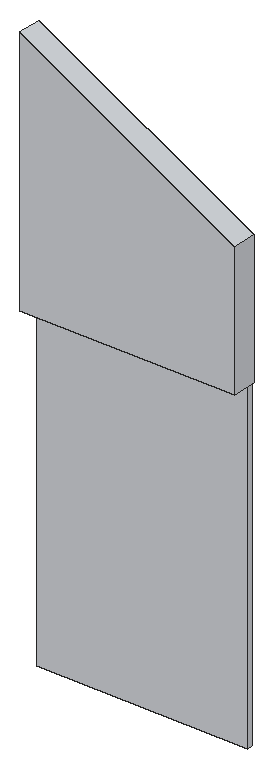
Revit family "EXP_WT-1A_CPan-006", category Curtain Panels, Revit 2021
Family settings
  OmniClass Number = 23.25.20.14.11.11.17
  OmniClass Title = Infill Panels
  Always vertical = Yes
  Cut with Voids When Loaded = No
  Shared = No
Parameters
  UI-UnitNumber [instance] = "01"
  UI-Quadrant [instance] = "SE"
  UI-ProjectAbbreviation = "NEU"
  UI-ItemCategory = "PID"
  UI-FloorNumber [instance] = "03"
  PNT-WallType = "WT1A"
  PNT-ProjectAbbreviation = "NEU"
  PNT-PanelType [instance] = "01"
  PNT-ItemCategory = "PNL"
  HModSX [instance] = 3' - 3"
  HModDX [instance] = 7' - 5"
  GlassSPH2(x2) [instance] = 0' - 2 3/16"
  GlassH2 [instance] = none
  GlassH1 [instance] = none
  DistanceAxis = 1' - 6"
  Define Thermal Properties by = Schematic Type
  CellSxH1 [instance] = HModSX + DistanceAxis  # 4' - 9"
  CellSxH [instance] = CellSxH1 + CellH2  # 16' - 6"
  CellSp = 0' - 10 3/16"
  CellL [instance] = 7' - 8"
  CellH2 [instance] = 11' - 9"
  CellH [instance] = 11' - 9"
  CellDxH1 [instance] = HModDX + DistanceAxis  # 8' - 11"
  CellDxH [instance] = CellDxH1 + CellH2  # 20' - 8"
  CellAngle [instance] = 45.00°
  AncleTrapezoid [instance] = 118.523°
  Analytic Construction = "<None>"
Reference planes (in)
  plane 1 "Center (Front/Back)": y = 0
  plane 2: z = 0
  plane 3 "Center (Left/Right)": x = 0
  plane 4 "Left": x = -46
  plane 5 "Right": x = 46
  plane 6 "Top": z = 141
  plane 7: y = -10.1875
  plane 8: z = 198
  plane 9: z = 248
  plane 10 "DistanceAxisSX": z = 159
Forms (in)
  Extrusion 1, solid, material <- "GlassH2", detail levels coarse+medium
    sketch origin (0, 0, 0) x (1, 0, 0) y (0, 0, 1)
      loop
        line (46, 141) -> (-46, 141) -> (-46, 0) -> (46, 0) -> (46, 141)
    from 0 to 10.1875
  Extrusion 2, solid, material <- "GlassH1"
    sketch origin (0, 0, 0) x (1, 0, 0) y (0, 0, 1)
      loop
        line (46, 198) -> (-46, 248) -> (-46, 141) -> (46, 141) -> (46, 198)
    from 0 to 10.1875
Lines and regions (in)
  reference lines
    curve 1: line (46, 0, 198) -> (-46, 0, 248)
Text (in)
  text "Exterior" at (-92.59733, 55.75508, 0), in view "Ref. Level"
  text "Exterior" at (0, 90.18664, 173.49264), in view "Left"
  text "Exterior" at (0, 52.29083, 162.21847), in view "Right"
Dimensions and locks (in)
  equal spacing: plane 4 "Left", plane 3 "Center (Left/Right)", plane 5 "Right"  (x2)
  "CellL": plane 4 "Left" to plane 5 "Right"
  "CellSp": plane 7 to plane 1 "Center (Front/Back)"
  "CellH": plane 2 to plane 6 "Top"
  "DistanceAxis": plane 6 "Top" to plane 10 "DistanceAxisSX"
  "HModSX": plane 10 "DistanceAxisSX" to plane 8
  "HModDX": plane 10 "DistanceAxisSX" to plane 9
  "CellH2": plane 2 to plane 6 "Top"
  "AncleTrapezoid": angle plane 5 "Right" to curve 1
  aligned and locked: level to plane 2
  aligned and locked: plane 5 "Right" to Extrusion 1 sketch curve
  aligned and locked: plane 2 to Extrusion 1 sketch curve
  aligned and locked: plane 4 "Left" to Extrusion 1 sketch curve
  aligned and locked: plane 6 "Top" to Extrusion 1 sketch curve
  aligned and locked: Extrusion 1 to plane 7
  aligned and locked: plane 5 "Right" to Extrusion 2 sketch curve
  aligned and locked: plane 6 "Top" to Extrusion 2 sketch curve
  aligned and locked: Extrusion 2 sketch curve to plane 4 "Left"
  aligned and locked: Extrusion 2 to plane 7
  aligned and locked: plane 1 "Center (Front/Back)" to nested 1
  aligned and locked: nested 1 to plane 6 "Top"
  aligned and locked: plane 2 to nested 1
  aligned and locked: plane 4 "Left" to nested 1
  aligned and locked: plane 5 "Right" to nested 1
Automatic sketch dimensions
  Extrusion 2 sketch curve to plane 8 = 0' - 0"
  Extrusion 2 sketch curve to plane 9 = 0' - 0"
  curve 1 to plane 4 "Left" = 0' - 0"
  curve 1 to plane 8 = 0' - 0"
Nested families (in)
  nested 1: "EXP_WT-1x_IG-001" at (0, 0, 70.5), MaterialGlass <- "GlassH2", GlassSP <- "GlassSPH2(x2)", type "GlassSP = H2(x2)", detail levels fine
    with MaterialGlass none, GlassSP 0' - 2 3/16", GlassL 7' - 6.12598", GlassH 11' - 7.06299", CellL 7' - 8", CellH 11' - 9"
Definition of nested family "EXP_WT-1x_IG-001"
  Parameters (values of type "H2 _ GlassSP = 1 1/4"")
    MaterialGlass [instance] = none
    GlassSP [instance] = 0' - 1 1/4"
    GlassL [instance] = CellL - (GlassD1 + GlassD3)  # 3' - 10.94439"
    GlassH [instance] = CellH - (GlassD2 + GlassD4)  # 6' - 6.64788"
    GlassD4 = 0' - 1.43701"
    GlassD3 = 0' - 0.93701"
    GlassD2 = 0' - 0 1/2"
    GlassD1 = 0' - 0 15/16"
    GMPI-ProjectAbbreviation = "NEU"
    GMPI-IteamCategory = "GLS"
    Default Elevation = 0' - 0"
    CellL [instance] = 4' - 0.8189"
    CellH [instance] = 6' - 8.58489"
  Types (12): name | GlassSP | GlassL | GlassH | GlassD4 | GlassD2 | GlassD1
    H2(x2) _ GlassSP = 2 1/8" | 0' - 2.12598" | 3' - 10.94488" | 6' - 6.64788" | 0' - 1.43701" | 0' - 0 1/2" | 0' - 0.93701"
    H1 _ GlassSP = 1 1/4" | 0' - 1 1/4" | 3' - 10.94439" | 6' - 6.89739" | 0' - 0 1/4" | 0' - 1 7/16" | 0' - 0 15/16"
    H2(x3) _ GlassSP = 2 1/8" | 0' - 2.12598" | 3' - 10.94488" | 6' - 7.83489" | 0' - 0 1/4" | 0' - 0 1/2" | 0' - 0.93701"
    H3 _ GlassSP = 1 1/4" | 0' - 1 1/4" | 3' - 10.94439" | 6' - 6.64788" | 0' - 1.43701" | 0' - 0 1/2" | 0' - 0 15/16"
    H _ GlassSP = 2 1/8" | 0' - 2.12598" | 3' - 10.94488" | 6' - 5.71088" | 0' - 1.43701" | 0' - 1.43701" | 0' - 0.93701"
    H _ GlassSP = 1 1/4" | 0' - 1 1/4" | 3' - 10.94439" | 6' - 5.71088" | 0' - 1.43701" | 0' - 1.43701" | 0' - 0 15/16"
    H2 _ GlassSP = 1 1/4" | 0' - 1 1/4" | 3' - 10.94439" | 6' - 6.64788" | 0' - 1.43701" | 0' - 0 1/2" | 0' - 0 15/16"
    GlassSP = H | 0' - 1 1/4" | 3' - 10.94439" | 6' - 5.71088" | 0' - 1.43701" | 0' - 1.43701" | 0' - 0 15/16"
    GlassSP = H3 | 0' - 1 1/4" | 3' - 10.94439" | 6' - 6.64788" | 0' - 1.43701" | 0' - 0 1/2" | 0' - 0 15/16"
    GlassSP = H2(x3) | 0' - 2.12598" | 3' - 10.94488" | 6' - 7.83489" | 0' - 0 1/4" | 0' - 0 1/2" | 0' - 0.93701"
    GlassSP = H2(x2) | 0' - 2.12598" | 3' - 10.94488" | 6' - 6.64788" | 0' - 1.43701" | 0' - 0 1/2" | 0' - 0.93701"
    GlassSP = H1 | 0' - 1 1/4" | 3' - 10.94439" | 6' - 6.89739" | 0' - 0 1/4" | 0' - 1 7/16" | 0' - 0 15/16"
  Reference planes (in)
    plane 1 "Center (Front/Back)": y = 0
    plane 2: z = 0
    plane 3 "Center (Left/Right)": x = 0
    plane 4: x = -24.40945
    plane 5: x = 24.40945
    plane 6: z = 40.29245
    plane 7: x = -23.47195
    plane 8: x = 23.47244
    plane 9: z = -40.29245
    plane 10: z = 39.79245
    plane 11: z = -38.85544
  Forms (in)
    Extrusion 1, solid, material <- "MaterialGlass"
      sketch origin (0, 0, 0) x (1, 0, 0) y (0, 0, 1)
        loop
          line (-23.47195, -38.85544) -> (23.47244, -38.85544) -> (23.47244, 39.79245) -> (-23.47195, 39.79245) -> (-23.47195, -38.85544)
      from 0 to 1.25 <- "GlassSP"
  Dimensions and locks (in)
    equal spacing: plane 6, level, plane 9
    "CellH": plane 6 to plane 9
    "GlassD2": plane 6 to plane 10
    "GlassD4": plane 11 to plane 9
    equal spacing: plane 4, plane 3 "Center (Left/Right)", plane 5
    "CellL": plane 4 to plane 5
    "GlassD1": plane 4 to plane 7
    "GlassD3": plane 5 to plane 8
    aligned and locked: level to plane 2
    aligned and locked: Extrusion 1 sketch curve to plane 11
    aligned and locked: Extrusion 1 sketch curve to plane 7
    aligned and locked: plane 10 to Extrusion 1 sketch curve
    aligned and locked: plane 8 to Extrusion 1 sketch curve
